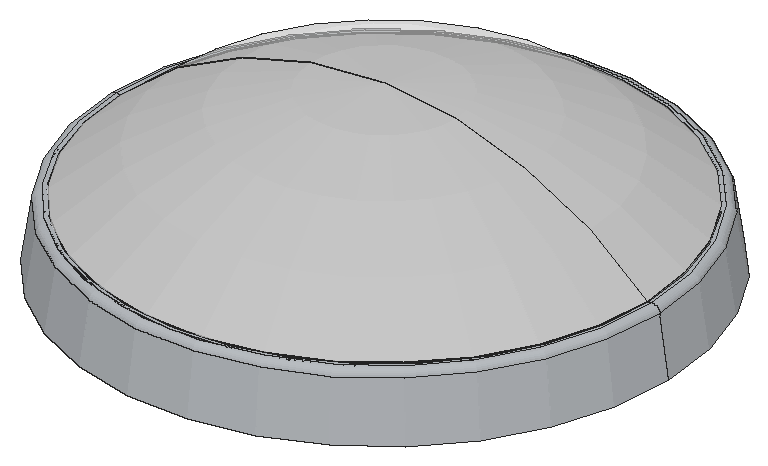
Revit family "Lightronics_LightingFixture_WallAndCeiling_DOTT_M1", category Lighting Fixtures, host Face, Revit 2016
Family settings
  Host = Face
  Part Type = Normal
  Round Connector Dimension = Use Diameter
  OmniClass Number = 23.80.70.00
  OmniClass Title = Lighting
  Cut with Voids When Loaded = No
  Light Source = Yes
  Shared = No
  Room Calculation Point = No
Parameters (values of type "Surface Mounted")
  _DistributedBy = "www.bimstore.co.uk"
  _CurrentRevision = 1
  _CreatedBy = "www.bimstore.co.uk"
  _BimSpecGuid = 0
  _BSBibleVersion = 15
  _AuthorizedBy = "Kris Atkinson"
  _Author = "Ryan Wigham"
  Wattage = 9.2903 W
  WarrantyStartDate [instance] = "Please record on commissioning"
  WarrantyGuarantorParts = "info@lightronics.nl"
  WarrantyGuarantorLabor = "info@lightronics.nl"
  WarrantyDurationUnit = "Years"
  WarrantyDurationParts = "5"
  WarrantyDurationLabor = "n/a"
  WarrantyDescription = "n/a"
  built-in parameter 1150110 = 1 (stored number, unit not read)
  Voltage = 230 V
  URL = "https://www.lightronics.nl/en/"
  TypeName = "DOTT M"
  Type Comments = "Wall and ceiling lighting – Hogro Plus. Impact proof design luminaire for surface and recessed mounting"
  built-in parameter 1114217 = 1 (stored number, unit not read)
  Tilt Angle = 90.00°
  built-in parameter 1150109 = 1 (stored number, unit not read)
  built-in parameter 1150134 = 3
  SurfaceMounted = yes
  built-in parameter 1150113 = 1 (stored number, unit not read)
  SpareParts = "n/a"
  Size = "360x105"
  Shape = "Circular"
  SerialNumber [instance] = "Please record on commissioning"
  ReplacementCost = ""
  ReferencedStandard = "n/a"
  Recessed = no
  ProductionYear = "2018"
  Photometric Web File = "DOTTM-LO4-1-12-350-D-F-1270-230-X-W.ies"
  NumberOfPoles = 1
  NominalLength = Length  # 360 mm
  NominalHeight = Height  # 105 mm
  NominalDepth = Depth  # 360 mm
  NBSReference = "90-60-50/405"
  NBSOfficeMasterTag = "n/a"
  NBSObjectName = "Lightronics -  General purpose luminaires"
  NBSNote = ""
  NBSDescription = "Surface luminaires"
  ModelReference = "IP 65"
  ModelNumber = "DOTT M - Surface Mounted"
  Model = "DOTT M - Surface Mounted"
  Material_Lens [instance] = Lightronics - Polycarbonate - Lens - Opal
  Material_Housing [instance] = Lightronics - Aluminium Coated - RAL DB703
  Material = "UV-stabilised polycarbonate"
  ManufacturerName = "Lightronics"
  Manufacturer = "Lightronics"
  built-in parameter 1150105 = 109.82 (stored number, unit not read)
  Lumens = 1380 lm
  built-in parameter 1150115 = 1 (stored number, unit not read)
  LightOffset = 45 mm
  built-in parameter 1150137 = (empty or 0)
  built-in parameter 1150139 = (empty or 0)
  Length = Diameter  # 360 mm
  built-in parameter 1150112 = 1 (stored number, unit not read)
  built-in parameter 1150114 = 1 (stored number, unit not read)
  Keynote = "V90/510"
  InstallationDate [instance] = "Please record on commissioning"
  built-in parameter 1150132 = (empty or 0)
  built-in parameter 1150102 = (empty or 0)
  built-in parameter 1150107 = 3200 (stored number, unit not read)
  built-in parameter 1150138 = (empty or 0)
  built-in parameter 1150106 = 1.0982 (stored number, unit not read)
  IfcExportType = "IfcLightFixture"
  IfcExportAs = "IfcLightFixtureTypeEnum.POINTSOURCE"
  Height = 105 mm
  Grade = "n/a"
  Finish = "n/a"
  Features = "n/a"
  ExpectedLife = 10
  Emit from Circle Diameter = 360 mm
  Emit Shape Visible in Rendering = no
  built-in parameter 1150104 = 13.8 (stored number, unit not read)
  DurationUnit = "20 Years"
  DocumentationTechnical = "n/a"
  DocumentationMaintenance = "n/a"
  DocumentationLiterature = "https://specifi.bimstore.co.uk/document/share/2435"
  DocumentationInstallationGuide = "n/a"
  DocumentationCertificates = "n/a"
  Dimming Lamp Color Temperature Shift = <None>
  Diameter = 360 mm
  Description = "Impact proof design luminaire for surface and recessed mounting"
  Depth = Diameter  # 360 mm
  Default Elevation = 1219.2 mm
  CreatedOn = "2018-03-06T09:00:00"
  CreatedBy = "info@lightronics.nl"
  Constituents = "n/a"
  Color Filter = 16777215
  Color = "Housing: aluminium coated (DB703) or RAL 9010. Cover: UV-stabilised polycarbonate opal or frosted"
  CodePerformance = "n/a"
  ClassificationValue = "Pr_70_70_48_85"
  ClassificationName = "Uniclass 2015"
  BarCode [instance] = "Please record on commissioning"
  built-in parameter 1114218 = 1 (stored number, unit not read)
  BIMObjectName = "Lightronics_LightingFixture_WallAndCeiling_DOTT_M"
  built-in parameter 1150133 = 10 (stored number, unit not read)
  AssetType = "Fixed"
  AssetIdentifier [instance] = "Please record on commissioning"
  Assembly Code = "D5020200"
  Apparent Load = 0 VA
  AccessibilityPerformance = "n/a"
Types (2, lengths in mm): name | SurfaceMounted | Size | Recessed | NominalLength | NominalHeight | NominalDepth | ModelNumber | Model | LightOffset | Length | Height | Emit from Circle Diameter | Diameter | Depth
  Surface Mounted | yes | "360x105" | no | 360 | 105 | 360 | "DOTT M - Surface Mounted" | "DOTT M - Surface Mounted" | 45 | 360 | 105 | 360 | 360 | 360
  Recessed | no | "445x124" | yes | 445 | 124 | 445 | "DOTT M - Recessed Mounted" | "DOTT M - Recessed Mounted" | 15 | 445 | 124 | 400 | 445 | 445
Reference planes
  plane 1 "Center (Front/Back)": y = 0
  plane 2: z = 0
  plane 3 "Center (Left/Right)": x = 0
  plane 4: x = -222.5
  plane 5: z = -51
  plane 6: z = -51
  plane 7: z = 73
  plane 8: z = 45
Forms (mm)
  Revolve 1, solid, material "Lightronics - Aluminium Coated - RAL DB703" <- "Material_Housing", visible <- "SurfaceMounted"
    sketch origin (0, 0, 0) x (1, 0, 0) y (0, 0, 1)
      loop
        line (0, 0) -> (0, 35) -> (-166.894, 35) -> (-166.894, 40) -> (-169.394, 40)
        arc (-169.394, 40) -> (-172.641, 38.802) -> (-174.333, 35.782) r 5
        line (-174.333, 35.782) -> (-180, 0) -> (0, 0)
      axis (0, 0) -> (0, 40)
    angle from 0 to 360
  Revolve 2, solid, material "Lightronics - Polycarbonate - Lens - Opal" <- "Material_Lens", visible <- "SurfaceMounted"
    sketch origin (0, 0, 0) x (1, 0, 0) y (0, 0, 1)
      loop
        line (-166.894, 35) -> (0, 35) -> (0, 105)
        arc (0, 105) -> (-89.553, 88.177) -> (-166.894, 40) r 246.759
        line (-166.894, 40) -> (-166.894, 35)
      axis (0, 105) -> (0, 35)
    angle from 0 to 360
  Revolve 3, solid, material "Lightronics - Aluminium Coated - RAL DB703" <- "Material_Housing", visible <- "Recessed"
    sketch origin (0, 0, 0) x (1, 0, 0) y (0, 0, 1)
      loop
        line (0, -51) -> (0, 2) -> (-167.882, 2) -> (-167.882, 0) -> (-169.882, 0) -> (-169.882, 10) -> (-212.5, 10) -> (-222.5, 0) -> (-187.5, 0) -> (-187.5, -51) -> (0, -51)
      axis (0, 10) -> (0, -51)
    angle from 0 to 360
  Revolve 4, solid, material "Lightronics - Polycarbonate - Lens - Opal" <- "Material_Lens", visible <- "Recessed"
    sketch origin (0, 0, 0) x (1, 0, 0) y (0, 0, 1)
      loop
        line (-169.882, 10) -> (-169.882, 0) -> (0, 0) -> (0, 73)
        arc (0, 73) -> (-90.594, 56.743) -> (-169.882, 10) r 260.548
      axis (0, 73) -> (0, 0)
    angle from 0 to 360
  Extrusion 5, solid, material "Glass, White, High Luminance", visible <- "SurfaceMounted"
    sketch origin (0, 0, 0) x (1, 0, 0) y (0, 1, 0)
      loop
        circle (0, 0) r 166.894
    from 35 to 40
  Extrusion 6, solid, material "Glass, White, High Luminance", visible <- "Recessed"
    sketch origin (0, 0, 0) x (1, 0, 0) y (0, 1, 0)
      loop
        circle (0, 0) r 169.882
    from 2 to 10
Dimensions and locks
  "LightOffset": plane 8 to level
  aligned and locked: plane 2 to host face
  aligned and locked: level to host face
  aligned and locked: plane 8 to imposter light
Automatic sketch dimensions
  host sketch curve to host sketch curve = 2438.4 mm  (x2)
  Revolve 1 sketch curve to level = 0 mm
  Revolve 1 sketch curve to plane 3 "Center (Left/Right)" = 0 mm  (x2)
  level to Revolve 1 sketch curve = 40 mm
  Revolve 1 sketch curve to plane 3 "Center (Left/Right)" = 166.894 mm
  Revolve 1 sketch curve to Revolve 1 sketch curve = 2.5 mm
  level to Revolve 1 sketch curve = 35.782 mm
  Revolve 1 sketch curve to Revolve 1 sketch curve = 4.938 mm
  Revolve 1 sketch curve to Revolve 1 sketch curve = 5.667 mm
  Revolve 1 sketch curve to Revolve 1 sketch curve = 0 mm
  Revolve 1 sketch curve to Revolve 1 sketch curve = 45 mm
  Revolve 1 sketch curve to Revolve 1 sketch curve = 75 mm
  Revolve 3 sketch curve to level = 0 mm  (x2)
  Revolve 3 sketch curve to plane 4 = 0 mm
  Revolve 3 sketch curve to plane 5 = 0 mm
  Revolve 3 sketch curve to plane 3 "Center (Left/Right)" = 0 mm  (x2)
  plane 4 to Revolve 3 sketch curve = 10 mm
  plane 4 to Revolve 3 sketch curve = 35 mm
  Revolve 3 sketch curve to Revolve 3 sketch curve = 17.618 mm
  Revolve 3 sketch curve to Revolve 3 sketch curve = 2 mm
  level to Revolve 3 sketch curve = 2 mm
  Revolve 3 sketch curve to Revolve 3 sketch curve = 8 mm
  Revolve 3 sketch curve to plane 5 = 139 mm
  Revolve 3 sketch curve to Revolve 3 sketch curve = 173 mm
  Revolve 2 sketch curve to plane 3 "Center (Left/Right)" = 0 mm  (x2)
  Revolve 2 sketch curve to plane 8 = 10 mm
  Revolve 2 sketch curve to Revolve 2 sketch curve = 166.894 mm
  Revolve 2 sketch curve to level = 141.759 mm
  Revolve 2 sketch curve to plane 8 = 5 mm
  Revolve 2 sketch curve to level = 25 mm
  Revolve 2 sketch curve to Revolve 2 sketch curve = 25 mm
  Revolve 4 sketch curve to level = 0 mm
  Revolve 4 sketch curve to plane 3 "Center (Left/Right)" = 0 mm  (x2)
  Revolve 4 sketch curve to plane 7 = 0 mm
  Revolve 4 sketch curve to Revolve 4 sketch curve = 169.882 mm
  Revolve 4 sketch curve to plane 6 = 136.548 mm
  Revolve 4 sketch curve to plane 6 = 59 mm
  Revolve 4 sketch curve to Revolve 4 sketch curve = 67 mm
  plane 1 "Center (Front/Back)" to Extrusion 5 sketch curve = 0 mm
  Extrusion 5 sketch curve to plane 3 "Center (Left/Right)" = 0 mm
  plane 1 "Center (Front/Back)" to Extrusion 6 sketch curve = 0 mm
  Extrusion 6 sketch curve to plane 3 "Center (Left/Right)" = 0 mm
  radius of Extrusion 5 sketch curve = 166.894 mm
  radius of Extrusion 6 sketch curve = 169.882 mm
Connectors
  electrical at (0, 0, 0), driven by "NumberOfPoles", driven by "Voltage", driven by "Apparent Load"
    settings: index 1, voltage 230 V, apparent load 0 VA, apparent load phase1 0 VA, apparent load phase2 0 VA, apparent load phase3 0 VA, power factor 1, load classification "Lighting", number of poles 1, system type 31, power factor state 1, is connector primary yes, connector utility no, sub classification motor no, connector description ""
